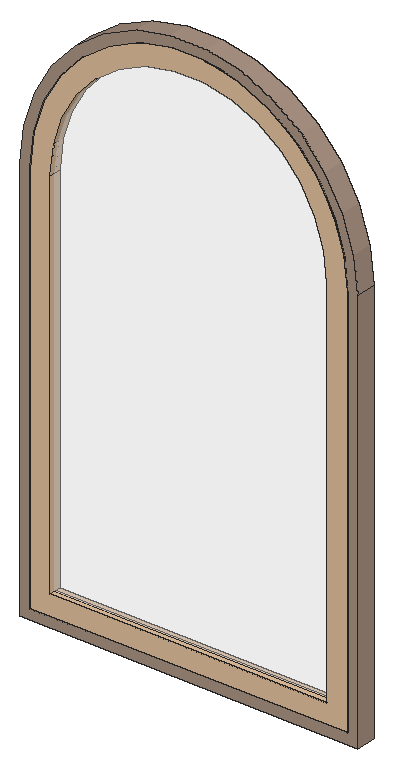
Revit family
Parameters (values of type "1000 x 1200 mm")
  Stile = 45 mm
  Material of Shutter = Shutter Material
  Height = 1200 mm
  Material of Glass Panel = Glass (2)
  Frame Width = 45 mm
  Frame Depth = 60 mm
  Material of Frame = Frame Material
  Default Sill Height = 800 mm
  TrimProjection = 25 mm
  Wall Closure = (empty or 0)
  Width = 1000 mm
  Assembly Code = ""
  Arc Height = 300 mm
Types (3, lengths in mm): name | Width
  750 x 1200 mm | 750
  900 x 1200 mm | 900
  1000 x 1200 mm | 1000
Reference planes
  plane 1: y = 0
  plane 2 "Center (Left/Right)": x = 0
  plane 3 "Left": x = -500
  plane 4 "Right": x = 500
  plane 5 "Sill": z = 800
  plane 6 "Head": z = 2000
  plane 7 "Exterior": y = 75
  plane 8 "Interior": y = -75
  plane 9: x = -455
  plane 10: y = 30
  plane 11: y = -30
  plane 12: x = 455
  plane 13: x = -410
  plane 14: x = 410
  plane 15: z = 845
  plane 16: z = 890
  plane 17: z = 2500
  plane 18: z = 1400
Forms (mm)
  Sweep 1, solid, material "Frame Material" <- "Material of Frame"
    path origin (0, 0, 0) x (1, 0, 0) y (0, 0, 1)
      loop
        arc (500, 2000) -> (0, 2500) -> (-500, 2000) r 500
        line (-500, 2000) -> (-500, 800) -> (500, 800) -> (500, 2000)
    profile origin (0, 0, 1400) x (0, -1, 0) y (1, 0, 0)
      loop
        line (-30, 500) -> (-30, 455) -> (-5, 455) -> (-5, 470) -> (30, 470) -> (30, 500) -> (-30, 500)
  Extrusion 2, solid, material "Shutter Material" <- "Material of Shutter"
    sketch origin (0, -30, 0) x (-1, 0, 0) y (0, 0, 1)
      loop
        line (470, 830) -> (470, 2000)
        arc (470, 2000) -> (0, 2470) -> (-470, 2000) r 470
        line (-470, 2000) -> (-470, 830) -> (470, 830)
      loop
        arc (410, 2000) -> (0, 2410) -> (-410, 2000) r 410
        line (-410, 2000) -> (-410, 890) -> (410, 890) -> (410, 2000)
    from 0 to 35
  Extrusion 3, solid, material "Glass (2)" <- "Material of Glass Panel"
    sketch origin (0, 0, 0) x (1, 0, 0) y (0, 0, 1)
      loop
        line (-410, 890) -> (410, 890) -> (410, 2000)
        arc (410, 2000) -> (0, 2410) -> (-410, 2000) r 410
        line (-410, 2000) -> (-410, 890)
    from 9.932 to 15.932
Lines and regions (mm)
  Opening 1
    outline origin (3500, -75, 0) x (1, 0, 0) y (0, 0, 1)
      loop
        line (-3000, 800) -> (-3000, 2000)
        arc (-3000, 2000) -> (-3500, 2500) -> (-4000, 2000) r 500
        line (-4000, 2000) -> (-4000, 800) -> (-3000, 800)
  symbolic lines, style "WindowsFrameMullionProjection", detail levels medium+fine
    curve 1: line (-500, 30, 0) -> (-500, -30, 0)
    curve 2: line (-500, 30, 0) -> (-455, 30, 0)
    curve 3: line (-455, 30, 0) -> (-455, 5, 0)
    curve 4: line (-455, 5, 0) -> (-470, 5, 0)
    curve 5: line (-470, 5, 0) -> (-470, -30, 0)
    curve 6: line (-470, -30, 0) -> (-500, -30, 0)
    curve 7: line (500, 30, 0) -> (500, -30, 0)
    curve 8: line (500, 30, 0) -> (455, 30, 0)
    curve 9: line (455, 30, 0) -> (455, 5, 0)
    curve 10: line (455, 5, 0) -> (470, 5, 0)
    curve 11: line (500, -30, 0) -> (470, -30, 0)
    curve 12: line (470, -30, 0) -> (470, 5, 0)
  symbolic lines, style "Elevation Swing"
    curve 13: line (-470, 0, 830) -> (500, 0, 1400)
    curve 14: line (-470, 0, 2000) -> (500, 0, 1400)
  symbolic lines, style "Plan Swing"
    curve 15: line (-470, 5, 0) -> (470, 5, 0)
    curve 16: line (-470, -30, 0) -> (470, -30, 0)
  symbolic lines, style "WindowsFrameMullionProjection", detail levels coarse
    curve 17: line (-470, -30, 0) -> (-500, -30, 0)
    curve 18: line (-470, 30, 0) -> (-470, -30, 0)
    curve 19: line (-500, 30, 0) -> (-470, 30, 0)
    curve 20: line (-500, -30, 0) -> (-500, 30, 0)
    curve 21: line (470, -30, 0) -> (500, -30, 0)
    curve 22: line (470, 30, 0) -> (470, -30, 0)
    curve 23: line (500, 30, 0) -> (470, 30, 0)
    curve 24: line (500, -30, 0) -> (500, 30, 0)
Text (mm)
  text "EXTERIOR" at (-1981.535, 863.181, 0), in view "Ref. Level"
  text "INTERIOR" at (-2017.992, -707.606, 0), in view "Ref. Level"
  text "Exterior" at (0, 923.751, 2943.296), in view "Right"
  text "Exterior" at (0, 1019.841, 2788.626), in view "Left"
Dimensions and locks
  equal spacing: plane 3 "Left", plane 2 "Center (Left/Right)", plane 4 "Right"
  "Width": plane 3 "Left" to plane 4 "Right"
  "Height": plane 5 "Sill" to plane 6 "Head"
  "Default Sill Height": plane 5 "Sill" to level
  locked: plane 7 "Exterior" to host wall
  locked: plane 8 "Interior" to host wall
  host wall to plane 6 "Head" = 500 mm
  locked: Sweep 1 sketch curve to Sweep 1 sketch curve at 35
  locked: Sweep 1 sketch curve to Sweep 1 sketch curve at 15
  "Frame Width": plane 3 "Left" to plane 9
  "Frame Width": plane 12 to plane 4 "Right"
  equal spacing: plane 10, plane 1, plane 11
  "Frame Depth": plane 10 to plane 11
  "Stile": plane 13 to plane 9
  "Stile": plane 12 to plane 14
  "Frame Width": plane 15 to plane 5 "Sill"
  "Stile": plane 16 to plane 15
  locked: Extrusion 2 to Extrusion 3 at 14.932
  locked: Extrusion 3 to Extrusion 2 at 14.068
  equal spacing: plane 6 "Head", plane 18, plane 5 "Sill"
  aligned and locked: Sweep 1 sketch curve to host wall  (x2)
  aligned and locked: plane 10 to Sweep 1 sketch curve
  aligned and locked: Sweep 1 sketch curve to plane 4 "Right"
  aligned and locked: plane 12 to Sweep 1 sketch curve
  aligned and locked: plane 11 to Sweep 1 sketch curve
  aligned and locked: Extrusion 2 sketch curve to Sweep 1  (x5)
  aligned and locked: Extrusion 2 to Sweep 1
  aligned and locked: Extrusion 2 to plane 11
  aligned and locked: plane 6 "Head" to Extrusion 2 sketch curve
  aligned and locked: plane 13 to Extrusion 2 sketch curve
  aligned and locked: plane 16 to Extrusion 2 sketch curve
  aligned and locked: Extrusion 2 sketch curve to plane 14
  aligned and locked: Extrusion 3 sketch curve to Extrusion 2  (x3)
  aligned and locked: Sweep 1 to curve 1
  aligned and locked: curve 1 to Sweep 1
  aligned and locked: Sweep 1 to curve 3
  aligned and locked: curve 3 to Sweep 1
  aligned and locked: Sweep 1 to curve 5
  aligned and locked: curve 5 to Sweep 1
  aligned and locked: curve 7 to Sweep 1  (x2)
  aligned and locked: Sweep 1 to curve 9
  aligned and locked: curve 9 to Sweep 1
  aligned and locked: curve 11 to Sweep 1
  aligned and locked: curve 12 to Sweep 1
  aligned and locked: curve 13 to Sweep 1
  aligned and locked: host wall to curve 13
  aligned and locked: Sweep 1 to curve 14
  aligned and locked: curve 14 to Sweep 1
  aligned and locked: curve 20 to Sweep 1
  aligned and locked: curve 21 to plane 11
  aligned and locked: curve 24 to Sweep 1
Automatic sketch dimensions
  Opening 1 sketch curve to plane 3 "Left" = 0 mm
  Opening 1 sketch curve to plane 4 "Right" = 0 mm
  Opening 1 sketch curve to plane 5 "Sill" = 0 mm
  Opening 1 sketch curve to plane 6 "Head" = 0 mm
  curve 13 to plane 18 = 0 mm
  plane 15 to curve 13 = 15 mm
  curve 15 to curve 4 = 0 mm
